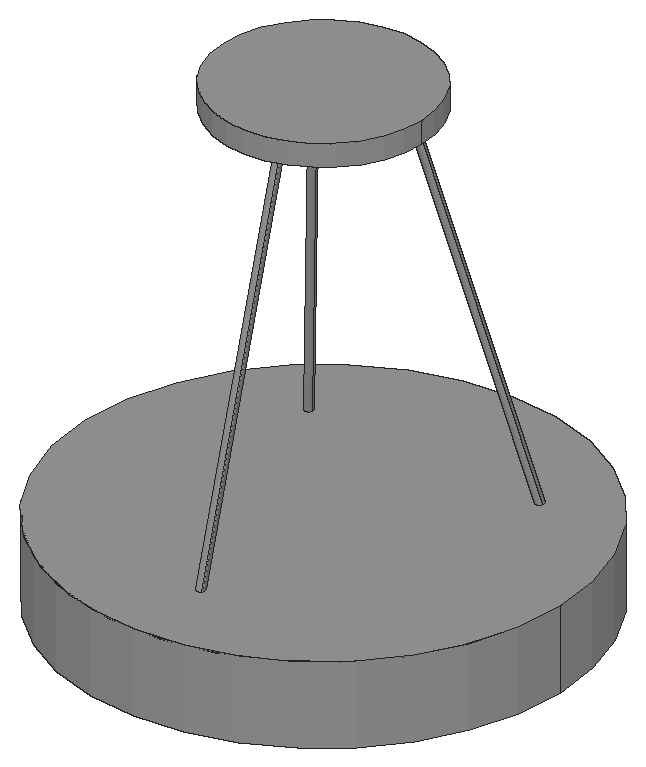
Revit family "METEOR_MM_60W_4000K_4800LM", category Lighting Fixtures, host Ceiling, Revit 2021
Family settings
  Host = Ceiling
  Round Connector Dimension = Use Diameter
  Part Type = Normal
  OmniClass Number = 23.80.70.11
  OmniClass Title = Luminaries for Internal Lighting
  Always vertical = Yes
  Cut with Voids When Loaded = No
  Light Source = Yes
  Shared = No
  Room Calculation Point = No
Parameters (values of type "Type 1")
  Wattage = 32.3141 W
  built-in parameter 1150110 = 1 (stored number, unit not read)
  Type de lampe = "LED Hongli"
  Type = "Plafonnier"
  built-in parameter 1114217 = 1 (stored number, unit not read)
  Tilt Angle = 90.00°
  built-in parameter 1150109 = 1 (stored number, unit not read)
  built-in parameter 1150134 = 12
  built-in parameter 1150113 = 1 (stored number, unit not read)
  Puissance nominale = "60W"
  Photometric Web File = "google_eulumdat_converter (23).ies"
  Matériau = "Corps en métal"
  Lumens = 4800 lm
  built-in parameter 1150115 = 1 (stored number, unit not read)
  built-in parameter 1150105 = 381.97 (stored number, unit not read)
  built-in parameter 1150137 = (empty or 0)
  built-in parameter 1150139 = (empty or 0)
  built-in parameter 1150112 = 1 (stored number, unit not read)
  built-in parameter 1150114 = 1 (stored number, unit not read)
  built-in parameter 1150132 = 2
  built-in parameter 1150102 = (empty or 0)
  built-in parameter 1150138 = (empty or 0)
  built-in parameter 1150107 = 4000 (stored number, unit not read)
  built-in parameter 1150106 = 3.8197 (stored number, unit not read)
  IRC = ">80"
  Fintion = "Blanc"
  built-in parameter 1150104 = 13.8 (stored number, unit not read)
  Driver = "Lifud No Flicker"
  Dimming Lamp Color Temperature Shift = <None>
  Dimensions = "Ø600 mm, H : 98 mm"
  Diffuseur = "Acrylique"
  Default Elevation = 0 mm
  Color Filter = 16777215
  built-in parameter 1114218 = 1 (stored number, unit not read)
  built-in parameter 1150133 = 10 (stored number, unit not read)
  Angle d'éclairage = "120°"
  Alimentation luminaire = "1500mA / 25-42V dc"
  Alimentation Driver = "AC 220-240V"
Reference planes
  plane 1 "Light Source Axis (F/B)": y = 0
  plane 2: z = 0
  plane 3 "Light Source Axis (L/R)": x = 0
  plane 4 "Ceiling": z = 4000
  plane 5 "Light Source Elevation": z = 3411.095
Forms (mm)
  Extrusion 1, solid, material "Metal, Paint Finish, White, Matte"
    sketch origin (0, 0, 4000) x (0, 1, 0) y (-1, 0, 0)
      loop
        circle (0, 0) r 125
    from 0 to -27
  Extrusion 2, solid, material "Metal, Paint Finish, White, Matte"
    sketch origin (0, 0, 4000) x (0, 1, 0) y (-1, 0, 0)
      loop
        circle (0, 0) r 300
    from -587 to -489
  Extrusion 3, void
    sketch origin (0, 0, 4000) x (0, 1, 0) y (-1, 0, 0)
      loop
        circle (0, 0) r 290
    from -678.449 to -509.32
  Extrusion 4, solid, material "Glass, White, High Luminance"
    sketch origin (0, 0, 4000) x (0, 1, 0) y (-1, 0, 0)
      loop
        circle (0, 0) r 290
    from -587 to -582.901
  Blend 5, solid, material "Metal, Paint Finish, White, Matte"
    base sketch origin (-2.103, -0.495, 4000) x (0, 1, 0) y (-1, 0, 0)
      loop
        circle (155.393, 140.306) r 5
    top sketch origin (-2.103, -0.495, 4000) x (0, 1, 0) y (-1, 0, 0)
      loop
        circle (55.742, 54.078) r 5
    from -489 to -27
  Blend 6, solid, material "Metal, Paint Finish, White, Matte"
    base sketch origin (12.712, -5.011, 4000) x (0, -1, 0) y (1, 0, 0)
      loop
        circle (-155.393, 140.306) r 5
    top sketch origin (12.712, -5.011, 4000) x (0, -1, 0) y (1, 0, 0)
      loop
        circle (-55.742, 54.078) r 5
    from -489 to -27
  Blend 7, solid, material "Metal, Paint Finish, White, Matte"
    base sketch origin (-5.947, 13.738, 4000) x (-0.645234, -0.763985, 0) y (0.763985, -0.645234, 0)
      loop
        circle (155.393, 140.306) r 5
    top sketch origin (-5.947, 13.738, 4000) x (-0.645234, -0.763985, 0) y (0.763985, -0.645234, 0)
      loop
        circle (55.742, 54.078) r 5
    from -489 to -27
Cuts and joins
  Extrusion 3 cuts Extrusion 2
Lines and regions (mm)
  reference lines
    curve 1: line (0, 0, 4000) -> (0, 0, 3973)
    curve 2: line (0, 0, 3973) -> (-40, 0, 3973)
    curve 3: line (0, 0, 3413) -> (0, 0, 3511)
Dimensions and locks
  equal spacing: host sketch curve, plane 3 "Light Source Axis (L/R)", host sketch curve
  equal spacing: host sketch curve, plane 1 "Light Source Axis (F/B)", host sketch curve
  host sketch curve to host sketch curve = 4000 mm  (x2)
  plane 4 "Ceiling" to host ceiling = 0 mm
  aligned and locked: plane 5 "Light Source Elevation" to imposter light
